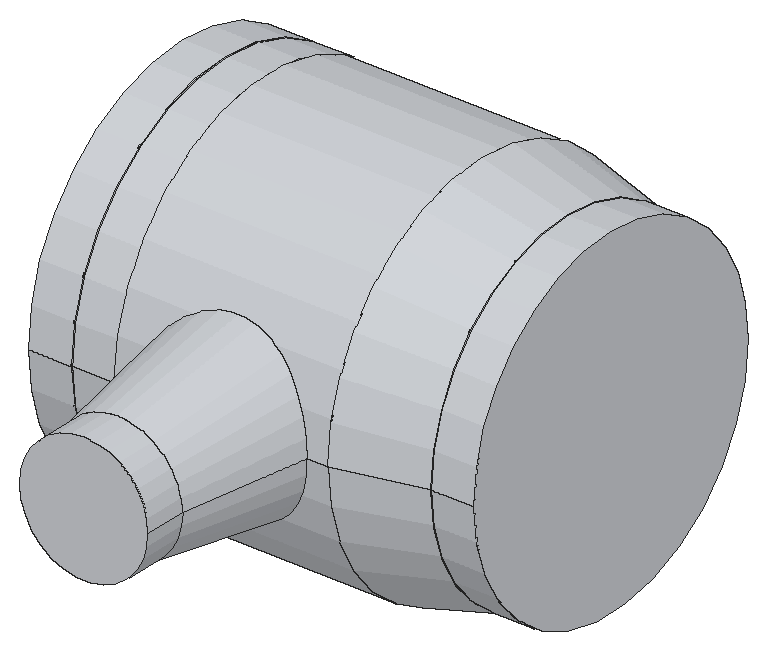
Revit family "M_T cônico redondo - DTL", category Conexões de duto, Revit 2019
Family settings
  Cota do conector redondo = Usar raio
  Tipo de parte = Tê
  Número OmniClass = 23.75.70.14
  Título OmniClass = Air Ductwork
  ID de item do Seek = Round Conical Tee - DTL-0000-CAN-ENU
  Com base no plano de trabalho = Não
  Sempre na vertical = Sim
  Corte com vazios quando carregada = Não
  Compartilhado = Não
Parameters (values of type "Padrão")
  Legenda da inserção da torneira [instance] = 3048 mm + if(Ângulo da torneira 1 < 90.00°, Inserção da torneira 1, if(Ângulo da torneira 1 = 90.00°, Inserção da torneira 2, Inserção da torneira 3))  # 3148 mm
  Inserção da torneira 3 [instance] = if(Ângulo da torneira 1 > 90.00°, Diâmetro da base da torneira 1 / 2 / sin(180.00° - Ângulo da torneira 1) + Raio do corpo 1 / tan(180.00° - Ângulo da torneira 1), 0 mm)  # 0 mm
  Inserção da torneira 2 [instance] = if(Ângulo da torneira 1 = 90.00°, Raio da base da torneira 1, 0 mm)  # 100 mm
  Comprimento 1 [instance] = if(not(Ângulo da torneira 1 = 90.00°), (tan(Ângulo da torneira 1) * Raio da base da torneira 1 + tan(Ângulo 1) * tan(Ângulo da torneira 1) * Raio da base da torneira 1 / tan(Ângulo da torneira 1)) / (tan(Ângulo da torneira 1) - tan(Ângulo 1)), 0 mm)  # 0 mm
  Ângulo 1 [instance] = if(not(Ângulo da torneira 1 = 90.00°), atan((Raio central da base da torneira - Raio da base da torneira 1) / (Raio do corpo 1 / sin(Ângulo da torneira 1) + Raio da base da torneira 1 / tan(Ângulo da torneira 1))), 1.00°)  # 1.00°
  Inserção da torneira 1 [instance] = if(Ângulo da torneira 1 < 90.00°, (Comprimento 1 * 2 / 2 - (Raio do corpo 1 / sin(Ângulo da torneira 1) - Comprimento 1 / tan(Ângulo da torneira 1)) / tan(Ângulo da torneira 1)) * sin(Ângulo da torneira 1), 0 mm)  # 0 mm
  Comprimento da torneira 3 [instance] = Comprimento do corpo 1 + Inserção da torneira  # 125 mm
  Inserção da torneira [instance] = 25 mm
  Comprimento da torneira 2 [instance] = Comprimento da torneira 1 + Comprimento do colarinho da torneira  # 425 mm
  Diâmetro da torneira 3 [instance] = if(Ângulo da torneira 1 > 90.00°, 2 * (((Raio do corpo 1 * (Diâmetro da base da torneira 1 - Diâmetro da torneira) / sin(180.00° - Ângulo da torneira 1) + (Comprimento da torneira + Raio da base da torneira 1 / tan(180.00° - Ângulo da torneira 1)) * (Diâmetro da base da torneira 1 - Diâmetro da torneira)) / (2 * (Comprimento da torneira + Raio da base da torneira 1 / tan(180.00° - Ângulo da torneira 1)) - Diâmetro da base da torneira 1 / tan(180.00° - Ângulo da torneira 1)) + Diâmetro da torneira / 2)), 0 mm)  # 0 mm
  Diâmetro da torneira 2 [instance] = if(Ângulo da torneira 1 < 90.00°, 2 * (((Raio do corpo 1 * (Diâmetro da base da torneira 1 - Diâmetro da torneira) / sin(Ângulo da torneira 1) + (Comprimento da torneira + Raio da base da torneira 1 / tan(Ângulo da torneira 1)) * (Diâmetro da base da torneira 1 - Diâmetro da torneira)) / (2 * (Comprimento da torneira + Raio da base da torneira 1 / tan(Ângulo da torneira 1)) - Diâmetro da base da torneira 1 / tan(Ângulo da torneira 1)) + Diâmetro da torneira / 2)), 0 mm)  # 0 mm
  Diâmetro da torneira 1 [instance] = if(Ângulo da torneira 1 = 90.00°, 2 * ((Diâmetro da base da torneira 1 - Diâmetro da torneira) / (2 * Comprimento da torneira) * (Raio do corpo 1 + Comprimento da torneira) + Diâmetro da torneira / 2), 0 mm)  # 275 mm
  Raio do corpo 1 [instance] = if(Entrada do raio > Saída do raio, if(not(Raio do corpo < Entrada do raio), Raio do corpo, Entrada do raio), if(not(Raio do corpo < Saída do raio), Raio do corpo, Saída do raio))  # 225 mm
  Raio da torneira [instance] = 75 mm
  Saída do raio [instance] = 200 mm
  Entrada do raio [instance] = 225 mm
  Deslocamento da torneira a partir do centro 2 [instance] = if(Deslocamento da torneira a partir do centro = 0 mm, 1 mm, 0 mm)  # 1 mm
  Deslocamento da torneira a partir do centro 1 [instance] = 3048 mm - Deslocamento da torneira a partir do centro  # 3048 mm
  Deslocamento da torneira a partir do centro [instance] = 0 mm
  Comprimento do corpo 2 [instance] = Saída do colarinho + Saída do comprimento 1  # 150 mm
  Saída do comprimento 1 [instance] = if(Saída do comprimento = 0 mm, 4 mm, Saída do comprimento)  # 100 mm
  Comprimento do corpo 1 [instance] = Entrada do colarinho + Entrada do comprimento 1  # 100 mm
  Entrada do comprimento 1 [instance] = if(Entrada do comprimento = 0 mm, 2 mm, Entrada do comprimento)  # 50 mm
  Saída do colarinho [instance] = 50 mm
  Saída do comprimento [instance] = 100 mm
  Entrada do colarinho [instance] = 50 mm
  Entrada do comprimento [instance] = 50 mm
  Comprimento da torneira 1 [instance] = Raio do corpo 1 / sin(Ângulo da torneira 1) + if(Ângulo da torneira 1 < 90.00°, Raio da base da torneira 1 / tan(Ângulo da torneira 1), if(Ângulo da torneira 1 = 90.00°, 0 mm, Raio da base da torneira 1 / tan(180.00° - Ângulo da torneira 1))) + Comprimento da torneira  # 375 mm
  Comprimento da torneira [instance] = 150 mm
  Comprimento [instance] = 250 mm
  Diâmetro da torneira [instance] = Raio da torneira * 2  # 150 mm
  Saída do diâmetro [instance] = Saída do raio * 2  # 400 mm
  Entrada do diâmetro [instance] = Entrada do raio * 2  # 450 mm
  Comprimento do colarinho da torneira [instance] = 50 mm
  Raio da base da torneira 1 [instance] = if(Raio da base da torneira > Raio da torneira, Raio da base da torneira, Raio da torneira + 25 mm)  # 100 mm
  Raio do corpo [instance] = 225 mm
  Diâmetro do corpo [instance] = Raio do corpo * 2  # 450 mm
  Raio da base da torneira [instance] = 100 mm
  Diâmetro da base da torneira 1 [instance] = Raio da base da torneira 1 * 2  # 200 mm
  Diâmetro da base da torneira [instance] = Raio da base da torneira * 2  # 200 mm
  Raio central da base da torneira [instance] = Diâmetro central da base da torneira / 2  # 137.5 mm
  Diâmetro central da base da torneira [instance] = if(Ângulo da torneira 1 < 90.00°, abs(Diâmetro da torneira 2), if(Ângulo da torneira 1 = 90.00°, abs(Diâmetro da torneira 1), abs(Diâmetro da torneira 3)))  # 275 mm
  Ângulo da torneira 1 [instance] = 90.00°
Reference planes
  plane 1 "Centro (Frente/Trás)": y = 0
  plane 2: z = 0
  plane 3 "Centro (Esquerda/Direita)": x = 0
  plane 4: x = -125
  plane 5: x = 125
  plane 6: x = -175
  plane 7: x = -225
  plane 8: x = 225
  plane 9: x = 275
  plane 10: z = -3048
  plane 11: z = 0
  plane 12: z = -1
  plane 13: x = 0
  plane 14: x = -100
  plane 15: x = -3148
  plane 16: x = -174.008
  plane 17: x = 224.008
Forms (mm)
  Sweep 1, solid, detail levels medium+fine
    path in 3D
      loop
        line (-225, 0, 0) -> (-174.008, 0, 0)
    profile origin (-199.504, 0, 0) x (0, 1, 0) y (0, 0, 1)
      loop
        circle (0, 0) r 225
  Sweep 2, solid, detail levels medium+fine
    path in 3D
      loop
        line (-125, 0, 0) -> (125, 0, 0)
    profile origin (0, 0, 0) x (0, 1, 0) y (0, 0, 1)
      loop
        circle (0, 0) r 225
  Sweep 3, solid, detail levels medium+fine
    path in 3D
      loop
        line (224.008, 0, 0) -> (275, 0, 0)
    profile origin (249.504, 0, 0) x (0, 1, 0) y (0, 0, 1)
      loop
        circle (0, 0) r 200
  SweptBlend 4, solid, detail levels medium+fine
    path in 3D
      loop
        line (0, 0, 0) -> (0, -375, 0)
    profile origin (0, 0, 0) x (1, 0, 0) y (0, 0, 1)
      loop
        circle (0, 0) r 137.5
    end profile origin (0, -375, 0) x (1, 0, 0) y (0, 0, 1)
      loop
        circle (0, 0) r 75
  Sweep 5, solid, detail levels medium+fine
    path in 3D
      loop
        line (0, 0, 0) -> (0, -425, 0)
    profile origin (0, -212.5, 0) x (1, 0, 0) y (0, 0, 1)
      loop
        circle (0, 0) r 75
  Blend 6, solid, detail levels medium+fine
    base sketch origin (0, 0, 0) x (0, 1, 0) y (0, 0, 1)
      loop
        circle (0, 0) r 225
    top sketch origin (0, 0, 0) x (0, 1, 0) y (0, 0, 1)
      loop
        circle (0, 0) r 225
    from -175 to -125
  Blend 7, solid, detail levels medium+fine
    base sketch origin (0, 0, 0) x (0, 1, 0) y (0, 0, 1)
      loop
        circle (0, 0) r 200
    top sketch origin (0, 0, 0) x (0, 1, 0) y (0, 0, 1)
      loop
        circle (0, 0) r 225
    from 225 to 125
Cuts and joins
  joined: Sweep 2, SweptBlend 4, Sweep 5, Blend 6, Blend 7
Lines and regions (mm)
  reference lines
    curve 1: line (-225, 0, 0) -> (-174.008, 0, 0)
    curve 2: line (224.008, 0, 0) -> (275, 0, 0)
    curve 3: line (-125, 0, 0) -> (125, 0, 0)
    curve 8: line (0, 0, 0) -> (0, -375, 0)
    curve 10: line (0, 0, 0) -> (0, -425, 0)
  sketch lines
    curve 4: line (-225, 0, 0) -> (-174.008, 0, 0)
    curve 5: line (-125, 0, 0) -> (125, 0, 0)
    curve 6: line (224.008, 0, 0) -> (275, 0, 0)
    curve 9: line (0, 0, 0) -> (0, -375, 0)
    curve 11: line (0, 0, 0) -> (0, -425, 0)
  model lines, detail levels coarse
    curve 7: line (0, 0, 0) -> (0, 0, -1)
    curve 12: line (-225, 0, 0) -> (275, 0, 0)
    curve 13: line (0, 0, 0) -> (0, -425, 0)
Dimensions and locks
  "Comprimento": plane 4 to plane 5
  "Entrada do comprimento 1": plane 6 to plane 4
  "Comprimento do corpo 1": plane 7 to plane 4
  "Saída do comprimento 1": plane 5 to plane 8
  "Comprimento do corpo 2": plane 5 to plane 9
  locked: plane 2 to plane 10 at 3048
  "Deslocamento da torneira a partir do centro 1": plane 11 to plane 10
  "Deslocamento da torneira a partir do centro 2": plane 11 to plane 12
  "Comprimento da torneira 1": curve 8 to curve 8
  "Comprimento da torneira 3": plane 7 to plane 14
  locked: plane 15 to plane 14 at 3048
  "Legenda da inserção da torneira": plane 15 to plane 13
  "Comprimento da torneira 2": curve 10 to curve 10
  locked: plane 6 to plane 16 at 0.992
  locked: plane 17 to plane 8 at 0.992
  "Comprimento da torneira 2": curve 13 to curve 13
  locked: plane 13 to plane 3 "Centro (Esquerda/Direita)" at 0
  "Entrada do raio": radius of Sweep 1 sketch curve
  "Raio do corpo 1": radius of Sweep 2 sketch curve
  "Saída do raio": radius of Sweep 3 sketch curve
  "Raio central da base da torneira": radius of SweptBlend 4 sketch curve
  "Raio da torneira": radius of SweptBlend 4 sketch curve
  "Raio da torneira": radius of Sweep 5 sketch curve
  "Entrada do raio": radius of Blend 6 sketch curve
  "Raio do corpo 1": radius of Blend 6 sketch curve
  "Saída do raio": radius of Blend 7 sketch curve
  "Raio do corpo 1": radius of Blend 7 sketch curve
  "Ângulo da torneira 1": angle curve 8 to plane 1 "Centro (Frente/Trás)"
  "Ângulo da torneira 1": angle curve 10 to plane 1 "Centro (Frente/Trás)"
  "Ângulo da torneira 1": angle curve 13 to plane 1 "Centro (Frente/Trás)"
  aligned and locked: plane 7 to curve 1
  aligned and locked: plane 1 "Centro (Frente/Trás)" to curve 1
  aligned and locked: plane 9 to curve 2
  aligned and locked: plane 1 "Centro (Frente/Trás)" to curve 2
  aligned and locked: plane 5 to curve 3
  aligned and locked: plane 1 "Centro (Frente/Trás)" to curve 3
  aligned and locked: plane 2 to curve 7
  aligned and locked: plane 12 to curve 7
  aligned and locked: curve 7 to plane 1 "Centro (Frente/Trás)"
  aligned and locked: plane 1 "Centro (Frente/Trás)" to curve 8
  aligned and locked: plane 13 to curve 10
  aligned and locked: plane 9 to curve 12
  aligned and locked: plane 7 to curve 12
  aligned and locked: plane 1 "Centro (Frente/Trás)" to curve 12
  aligned and locked: plane 1 "Centro (Frente/Trás)" to curve 13
  aligned and locked: plane 13 to curve 13
  aligned and locked: Blend 6 to plane 6
  aligned and locked: plane 4 to Blend 6
  aligned and locked: Blend 7 to plane 8
  aligned and locked: Blend 7 to plane 5
  aligned and locked: plane 16 to curve 1
Automatic sketch dimensions
  curve 3 to plane 4 = 0 mm
  curve 2 to plane 17 = 0 mm
  Sweep 1 sketch curve to profile plane = 0 mm  (x2)
  Sweep 2 sketch curve to profile plane = 0 mm  (x2)
  Sweep 3 sketch curve to profile plane = 0 mm  (x2)
  profile plane to SweptBlend 4 sketch curve = 0 mm  (x2)
  SweptBlend 4 sketch curve to profile plane = 0 mm  (x2)
  profile plane to Sweep 5 sketch curve = 0 mm
  Sweep 5 sketch curve to profile plane = 0 mm
  Blend 6 sketch curve to level = 0 mm  (x2)
  Blend 6 sketch curve to plane 1 "Centro (Frente/Trás)" = 0 mm  (x2)
  Blend 7 sketch curve to level = 0 mm  (x2)
  Blend 7 sketch curve to plane 1 "Centro (Frente/Trás)" = 0 mm  (x2)
Connectors
  hvac at (-225, 0, 0), driven by "Entrada do raio"
    settings: on Sweep 1, index 1, duct flow 0.0 L/s, flow factor 0, pres drop 0.0 Pa, loss coef 0, conn angle 0.00°, conn width 304.8 mm, conn height 304.8 mm, conn diameter 450 mm, duct sys type 28, conn prof type 0, flow config 0, flow direction 0, loss method 0, conn ref index 2, conn util no, is conn primary yes, conn desc ""
  hvac at (275, 0, 0), driven by "Saída do raio"
    settings: on Sweep 3, index 2, duct flow 0.0 L/s, flow factor 0, pres drop 0.0 Pa, loss coef 0, conn angle 0.00°, conn width 304.8 mm, conn height 304.8 mm, conn diameter 400 mm, duct sys type 28, conn prof type 0, flow config 0, flow direction 0, loss method 0, conn ref index 1, conn util no, is conn primary no, conn desc ""
  hvac at (0, -425, 0), driven by "Raio da torneira", driven by "Ângulo da torneira 1"
    settings: on Sweep 5, index 3, duct flow 0.0 L/s, flow factor 0, pres drop 0.0 Pa, loss coef 0, conn angle 90.00°, conn width 304.8 mm, conn height 304.8 mm, conn diameter 150 mm, duct sys type 28, conn prof type 0, flow config 0, flow direction 0, loss method 0, conn ref index -1, conn util no, is conn primary no, conn desc ""
